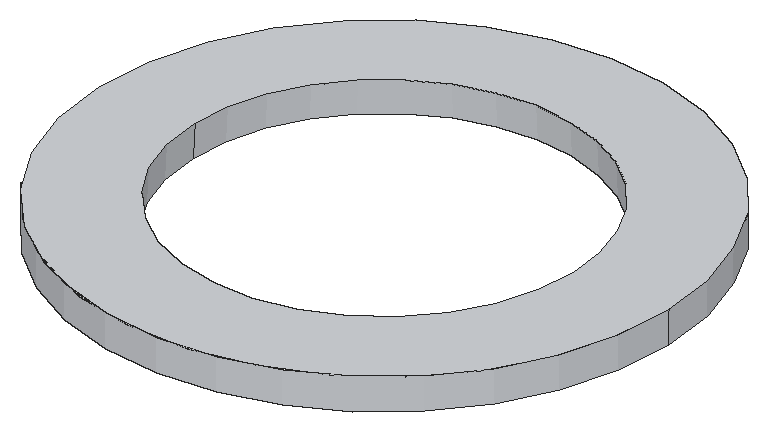
Revit family "110301-00007 Кольцо опорное КО-0,5", category Обобщенные модели, Revit 2019
Family settings
  Может служить основой для арматурных стержней = Нет
  Размер круглого соединителя = Использовать диаметр
  Тип детали = Нормальный
  На основе рабочей плоскости = Нет
  Всегда вертикально = Да
  При загрузке вырезать с полостями = Нет
  Общий = Нет
  Точка расчета площади = Нет
Parameters (values of type "Кольцо опорное КО-0,5")
  Ширина [instance] = 50 mm
  ADSK_Ширина2 [instance] = 600 mm
  ADSK_Ширина [instance] = 900 mm
  ADSK_Ссылка на сайт = "https://www.ssd.ru/koltso-opornoe-ko-5"
  ADSK_Сертификат соответствия = "https://www.ssd.ru/upload/iblock/83a/sert_b20_0221.pdf"
  ADSK_Наименование = "Кольцо опорное КО-0,5"
  ADSK_Масса = "41"
  ADSK_Марка = "Кольца, сегменты"
  ADSK_Код изделия = "110301-00007"
  ADSK_Класс бетона = "В20"
  ADSK_Изготовитель = "АО \"СВЯЗЬСТРОЙДЕТАЛЬ\""
  ADSAK_Длина [instance] = 900 mm
Reference planes
  plane 1 "По центру (Вперед/Назад)": y = 0
  plane 2: z = 0
  plane 3 "По центру (Влево/Вправо)": x = 0
  plane 4: x = -450
  plane 5: x = 450
  plane 6: y = -450
  plane 7: y = 450
  plane 8: z = 50
  plane 9: z = 0
  plane 10: y = 300
  plane 11: y = -300
Forms (mm)
  Extrusion 1, solid
    sketch origin (0, 0, 0) x (1, 0, 0) y (0, 1, 0)
      loop
        circle (0, 0) r 450
    from 0 to 50
  Blend 2, void
    base sketch origin (0, 0, 0) x (1, 0, 0) y (0, 1, 0)
      loop
        circle (0, 0) r 303
    top sketch origin (0, 0, 0) x (1, 0, 0) y (0, 1, 0)
      loop
        circle (0, 0) r 300
    from 0 to 50
Cuts and joins
  Blend 2 cuts Extrusion 1
Dimensions and locks
  "ADSAK_Длина": plane 4 to plane 5
  equal spacing: plane 4, plane 3 "По центру (Влево/Вправо)", plane 5
  "ADSK_Ширина": plane 7 to plane 6
  equal spacing: plane 7, plane 1 "По центру (Вперед/Назад)", plane 6
  "Ширина": level to plane 8
  "ADSK_Ширина2": plane 10 to plane 11
  equal spacing: plane 10, plane 1 "По центру (Вперед/Назад)", plane 11
  aligned and locked: level to plane 2
  aligned and locked: plane 8 to Extrusion 1
  aligned and locked: Extrusion 1 to level
  aligned and locked: Extrusion 1 to plane 2
  aligned and locked: Extrusion 1 to Blend 2
  aligned and locked: Blend 2 to level
  aligned and locked: plane 8 to Blend 2
Automatic sketch dimensions
  plane 1 "По центру (Вперед/Назад)" to Extrusion 1 sketch curve = 0 mm
  Extrusion 1 sketch curve to plane 3 "По центру (Влево/Вправо)" = 0 mm
  plane 1 "По центру (Вперед/Назад)" to Blend 2 sketch curve = 0 mm  (x2)
  Blend 2 sketch curve to plane 3 "По центру (Влево/Вправо)" = 0 mm  (x2)
  radius of Extrusion 1 sketch curve = 450 mm
  radius of Blend 2 sketch curve = 303 mm
  radius of Blend 2 sketch curve = 300 mm
